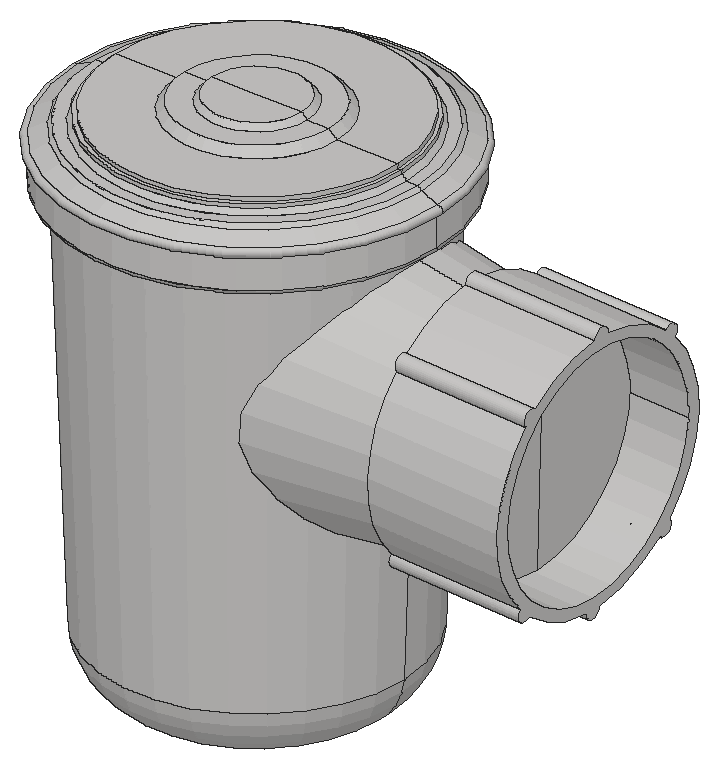
Revit family "IFO15917", category Plumbing Fixtures, Revit 2014
Parameters (values of type "IFO15916")
  Width = 70 mm
  URL = "http://www.yepsketch.com/"
  Model = "IFO15916"
  Manufacturer = "ENWARE"
  Description = ""
  Type Comments = ""
Reference planes
  plane 1 "Centro (Frontal/Posterior)": y = 0
  plane 2: z = 0
  plane 3 "Centro (Izquierda/Derecha)": x = 0
  plane 4: z = 110
  plane 5: x = -32.5
  plane 6: x = 35
  plane 7: x = 88.5
  plane 8: z = 74
Forms (mm)
  Revolve 1, solid, material "Stainless Steel IFO"
    sketch origin (0.175, 0, -1.442) x (0.997172, 0, -0.075158) y (0.075158, 0, 0.997172)
      loop
        line (17.382, 44.545) -> (58.942, 52.106) -> (69.619, 52.537) -> (68.611, 77.516) -> (16.137, 75.399) -> (17.382, 44.545)
      axis (68.611, 77.516) -> (16.137, 75.399)
    angle from 0 to 360
  Extrusion 2, solid, material "Stainless Steel IFO"
    sketch origin (-2.856, 0, -0.605) x (0, 1, 0) y (0.034899, 0, 0.999391)
      loop
        arc (-2.025, 102.097) -> (-10.773, 99.967) -> (-18.466, 95.287) r 29.393
        arc (-18.466, 95.287) -> (-21.088, 95.287) -> (-21.088, 92.666) r 1.854
        arc (-21.088, 92.666) -> (-28.568, 73.957) -> (-21.088, 55.248) r 27.136
        arc (-21.088, 55.248) -> (-21.088, 52.627) -> (-18.466, 52.627) r 1.854
        arc (-18.466, 52.627) -> (-10.773, 47.947) -> (-2.025, 45.817) r 29.393
        arc (-2.025, 45.817) -> (-0.171, 43.963) -> (1.683, 45.817) r 1.854
        arc (1.683, 45.817) -> (10.564, 48.015) -> (18.466, 52.627) r 32.155
        arc (18.466, 52.627) -> (21.088, 52.627) -> (21.088, 55.248) r 1.854
        arc (21.088, 55.248) -> (28.568, 73.957) -> (21.088, 92.666) r 27.136
        arc (21.088, 92.666) -> (21.088, 95.287) -> (18.466, 95.287) r 1.854
        arc (18.466, 95.287) -> (10.564, 99.899) -> (1.683, 102.097) r 32.155
        arc (1.683, 102.097) -> (-0.171, 103.951) -> (-2.025, 102.097) r 1.854
      loop
        circle (0, 73.957) r 25.703
    from 58.29 to 87.57
  Revolve 3, solid, material "Stainless Steel IFO"
    sketch origin (0, 0, 0) x (1, 0, 0) y (0, 0, 1)
      loop
        line (10, 120) -> (-0.205, 120) -> (-1.354, 118.851) -> (-6.354, 118.851) -> (-8.117, 117.088) -> (-21.984, 117.088) -> (-21.984, 116.209) -> (-22.841, 116.209) -> (-22.841, 115.352) -> (-23.882, 114.311) -> (-26.454, 114.311) -> (-27.281, 113.484) -> (-30.845, 111.822)
        arc (-30.845, 111.822) -> (-32, 110.911) -> (-30.845, 110) r 0.937
        line (-30.845, 110) -> (-30.845, 103.086)
        arc (-30.845, 103.086) -> (-30.555, 102.387) -> (-29.856, 102.097) r 0.988
        line (-29.856, 102.097) -> (-26.857, 102.142) -> (-23.524, 12.946)
        arc (-23.524, 12.946) -> (-18.819, 3.713) -> (-9.145, 0) r 14.458
        line (-9.145, 0) -> (10, 0) -> (10, 120)
      axis (10, 120) -> (10, 0)
    angle from 0 to 360
Lines and regions (mm)
  symbolic lines
    curve 1: circle (10, 0, 0) r 42 normal (0, 0, 1)
Dimensions and locks
  plane 4 to plane 2 = 110 mm
  diameter of curve 1 = 84 mm
  aligned and locked: level to plane 2
